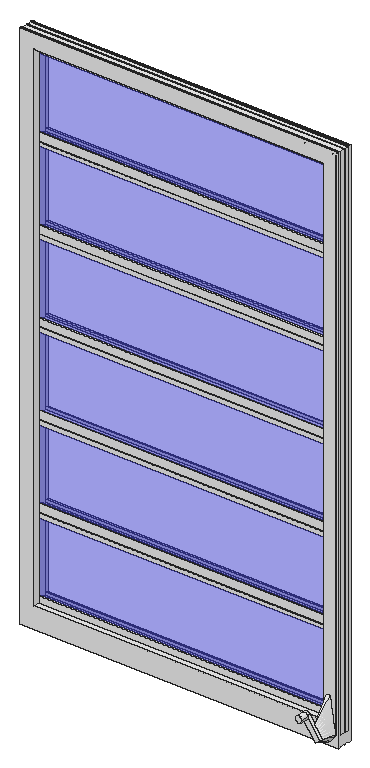
Revit family "2014-Ventana_Uni2_RT-1", category Windows, host Wall, Revit 2014
Parameters (values of type "1.200 x 2.011 mm")
  Uniclass 2.0 Descripción = "Accessible openings: Doors and hatches, French windows, sliding wall windows."  # constant formula
  Uniclass 2.0 Código = "30.00.00"  # constant formula
  UNSPC Código = "30171600"  # constant formula
  UNSPC Categoría = "Windows"  # constant formula
  Visual Light Transmittance = 0.81
  URL Producto = "http://www.uin2.com/"
  URL Garantía = ""
  URL = "http://www.uin2.com/"
  Tipo de Herrajes = ""
  Tiempo de Vida del Producto = ""
  Rotura Puente Térmico = Poliamida
  Thermal Resistance (R) = 0.3196 (m²·K)/W
  Teléfono de Contacto = "+34 938 675 758"  # constant formula
  Panel 6 = Height > 2010 mm  # yes
  Panel 5 = Height > 1691 mm  # yes
  Panel 4 = Height > 1417 mm  # yes
  Panel 3 = Height > 1151 mm  # yes
  Panel 2 = Height > 884 mm  # yes
  Panel 1 = not(Panel 2)  # no
  IFC Clasificación = "Ventana"  # constant formula
  Solar Heat Gain Coefficient = 0.76
  Estanqueidad al Agua = ""
  Composición del Acristalamiento = Vidrio, Claro Templado 4/16/4
  COBie Categoría = ""
  Rough Width = Width + 12 mm  # 1212 mm
  Rough Height = Height + 12 mm  # 2023 mm
  Resistencia al Viento = ""
  Refuerzo = Acero, Galvanizado
  Operation = "Ventana Fija"
  Model = "uin2.RT-1"  # constant formula
  Manufacturer = "uin2"  # constant formula
  Heat Transfer Coefficient (U) = 3.1292 W/(m²·K)
  Peso = 0.00 kN
  Permeabilidad al Aire = 0
  Material del Marco = Aluminio
  Instalado por = ""
  Información Técnica = "http://www.uin2.com/PDF/ficha-tecnica-uin2.RT-1.pdf"
  Height = 2011 mm
  Grosor de Vidrio = 28 mm  # constant formula
  Grosor = 58 mm  # constant formula
  Garantía = ""
  Fecha de Instalación = ""
  Fecha de Caducidad de Información = "01/01/2016"  # constant formula
  Fecha Revisión de Contenido = "16/10/2014"  # constant formula
  Fase del Producto = ""
  Email de Contacto = "ventana@uin2.com"
  Desfase Interior = 0 mm
  Desfase Exterior = 0 mm
  Description = "Ventana incorpora exclusivo sistema hermético vertical uin2, rotura de puente térmico y la posibilidad de instalar un vidrio de hasta 28 mm. Consta de un área de ventilación de hasta 81%"  # constant formula
  Wall Closure = By host
  Width = 1200 mm
  Código de Referencia = ""
  Creado por = "Bimetica Parametric Design Services S.L."  # constant formula
  Contacto de Producto = ""
  Condiciones Generales de Venta = ""
  Colección = "Línea Clima"  # constant formula
  Bimetica = "www.bimetica.es"
  Assembly Code = "B2020110"
  Apertura = (Altura de Panel - 30 mm) / 2  # 141.667 mm
  Analytic Construction = "Double glazing - domestic"
  Altura de Panel = if(Height = 619 mm, (Height - (Altura Perfil Marco + 78 mm)) / 2, if(Height = 885 mm, (Height - (Altura Perfil Marco + 78 mm)) / 2, if(Height = 1152 mm, (Height - (Altura Perfil Marco + 78 mm)) / 3, if(Height = 1418 mm, (Height - (Altura Perfil Marco + 78 mm)) / 4, if(Height = 1692 mm, (Height - (Altura Perfil Marco + 78 mm)) / 5, if(Height = 2011 mm, (Height - (Altura Perfil Marco + 78 mm)) / 6, 0 mm))))))  # 313.333 mm
  Altura de Emplazamiento [instance] = 800 mm  # constant formula
  Altura Perfil Marco = 53 mm  # constant formula
  Aislamiento Térmico (W/m2K) = 3.1  # constant formula
  Aislamiento Acústico (dBA) = 27  # constant formula
  Acabado = "Acabados en anodizado o lacado a cualquier color de la gama ral."  # constant formula
Types (6, lengths in mm): name | Panel 6 | Panel 5 | Panel 4 | Panel 3 | Panel 2 | Panel 1 | Rough Width | Rough Height | Height | Width | Apertura | Altura de Panel
  600 x 619 mm | no | no | no | no | no | yes | 612 | 631 | 619 | 600 | 107 | 244
  1.200 x 2.011 mm | yes | yes | yes | yes | yes | no | 1212 | 2023 | 2011 | 1200 | 141.667 | 313.333
  600 x 885 mm | no | no | no | no | yes | no | 612 | 897 | 885 | 600 | 173.5 | 377
  800 x 1.152 mm | no | no | no | yes | yes | no | 812 | 1164 | 1152 | 800 | 155.167 | 340.333
  800 x 1.418 mm | no | no | yes | yes | yes | no | 812 | 1430 | 1418 | 800 | 145.875 | 321.75
  1.000 x 1.692 mm | no | yes | yes | yes | yes | no | 1012 | 1704 | 1692 | 1000 | 141.1 | 312.2
Reference planes
  plane 1 "Center (Front/Back)": y = 94.021
  plane 2 "Center (Left/Right)": x = 0
  plane 3 "Left": x = -600
  plane 4 "Right": x = 600
  plane 5 "Sill": z = 800
  plane 6 "Head": z = 2811
  plane 7 "Exterior": y = 100
  plane 8 "Interior": y = 42
  plane 9 "Offset Plane": y = 100
  plane 10: x = -547
  plane 11: x = 547
  plane 12: z = 2758
  plane 13: z = 878
Forms (mm)
  Sweep 1, solid, material "Aluminio" <- "Material del Marco", detail levels medium+fine
    path origin (0, 100, 0) x (1, 0, 0) y (0, 0, 1)
      loop
        line (-547, 878) -> (547, 878) -> (547, 2758) -> (-547, 2758) -> (-547, 878)
    profile origin (-547, 100, 1818) x (-1, 0, 0) y (0, -1, 0)
      loop
        line (52.918, 0) -> (52.918, 1.395) -> (42.852, 1.395) -> (42.852, 6.179) -> (52.918, 6.179) -> (52.918, 8.172) -> (50.882, 8.172) -> (50.882, 26.11) -> (52.918, 26.11) -> (52.918, 27.505) -> (51.423, 27.505) -> (51.423, 50.426) -> (52.918, 50.426) -> (52.918, 51.821) -> (42.852, 51.821) -> (42.852, 56.605) -> (52.918, 56.605) -> (52.918, 58) -> (0, 58) -> (0, 34.082) -> (2.79, 34.082) -> (2.79, 28.601) -> (0, 28.601) -> (0, 6.976) -> (6.777, 6.976) -> (6.777, 1.495) -> (0, 1.495) -> (0, -7.275) -> (7.574, -7.275) -> (8.67, -7.574) -> (28.003, -7.574) -> (29.1, -7.275) -> (37.271, -7.275) -> (37.271, 0) -> (52.918, 0)
  Extrusion 2, solid, material "Aluminio" <- "Material del Marco", detail levels coarse
    sketch origin (0, 100, 0) x (1, 0, 0) y (0, 0, 1)
      loop
        line (600, 2811) -> (-600, 2811) -> (-600, 800) -> (600, 800) -> (600, 2811)
      loop
        line (547, 2758) -> (-547, 2758) -> (-547, 878) -> (547, 878) -> (547, 2758)
    from 0 to 58
  Extrusion 3, solid, material "Aluminio" <- "Material del Marco", detail levels medium+fine
    sketch origin (0, 0, 0) x (0, -1, 0) y (0, 0, 1)
      loop
        line (-100, 800) -> (-98.605, 800) -> (-98.605, 810.065) -> (-93.821, 810.065) -> (-93.821, 800) -> (-91.828, 800) -> (-91.828, 802.036) -> (-73.89, 802.036) -> (-73.89, 800) -> (-72.495, 800) -> (-72.495, 801.495) -> (-49.574, 801.495) -> (-49.574, 800) -> (-48.179, 800) -> (-48.179, 810.065) -> (-43.395, 810.065) -> (-43.395, 800) -> (-42, 800) -> (-42, 838.232) -> (-100, 838.232) -> (-100, 800)
    from -600 to 600
  Extrusion 4, solid, material "Aluminio" <- "Material del Marco", visible <- "Panel 2"
    sketch origin (0, -917.693, 110.148) x (0, -1, 0) y (0, 0, 1)
      loop
        line (-1017.693, 1056.77) -> (-1011.714, 1056.77) -> (-1011.714, 1066.237) -> (-987.796, 1066.237) -> (-987.796, 1056.77) -> (-981.817, 1056.77) -> (-981.817, 1073.213) -> (-983.511, 1073.213) -> (-983.511, 1075.704) -> (-981.817, 1075.704) -> (-981.817, 1105.601) -> (-987.796, 1105.601) -> (-987.796, 1096.134) -> (-1011.714, 1096.134) -> (-1011.714, 1105.601) -> (-1017.693, 1105.601) -> (-1017.693, 1089.158) -> (-1015.999, 1089.158) -> (-1015.999, 1086.667) -> (-1017.693, 1086.667) -> (-1017.693, 1056.77)
    from -547 to 547
  Extrusion 5, solid, material "Aluminio" <- "Material del Marco", visible <- "Panel 5"
    sketch origin (0, -917.693, 423.481) x (0, -1, 0) y (0, 0, 1)
      loop
        line (-1017.693, 1683.436) -> (-1011.714, 1683.436) -> (-1011.714, 1692.904) -> (-987.796, 1692.904) -> (-987.796, 1683.436) -> (-981.817, 1683.436) -> (-981.817, 1699.88) -> (-983.511, 1699.88) -> (-983.511, 1702.371) -> (-981.817, 1702.371) -> (-981.817, 1732.268) -> (-987.796, 1732.268) -> (-987.796, 1722.801) -> (-1011.714, 1722.801) -> (-1011.714, 1732.268) -> (-1017.693, 1732.268) -> (-1017.693, 1715.825) -> (-1015.999, 1715.825) -> (-1015.999, 1713.333) -> (-1017.693, 1713.333) -> (-1017.693, 1683.436)
    from -547 to 547
  Extrusion 6, solid, material "Aluminio" <- "Material del Marco", visible <- "Panel 4"
    sketch origin (0, -917.693, 736.814) x (0, -1, 0) y (0, 0, 1)
      loop
        line (-1017.693, 1056.77) -> (-1011.714, 1056.77) -> (-1011.714, 1066.237) -> (-987.796, 1066.237) -> (-987.796, 1056.77) -> (-981.817, 1056.77) -> (-981.817, 1073.213) -> (-983.511, 1073.213) -> (-983.511, 1075.704) -> (-981.817, 1075.704) -> (-981.817, 1105.601) -> (-987.796, 1105.601) -> (-987.796, 1096.134) -> (-1011.714, 1096.134) -> (-1011.714, 1105.601) -> (-1017.693, 1105.601) -> (-1017.693, 1089.158) -> (-1015.999, 1089.158) -> (-1015.999, 1086.667) -> (-1017.693, 1086.667) -> (-1017.693, 1056.77)
    from -547 to 547
  Extrusion 7, solid, material "Aluminio" <- "Material del Marco", visible <- "Panel 6"
    sketch origin (0, -917.693, 1050.148) x (0, -1, 0) y (0, 0, 1)
      loop
        line (-1017.693, 1370.103) -> (-1011.714, 1370.103) -> (-1011.714, 1379.57) -> (-987.796, 1379.57) -> (-987.796, 1370.103) -> (-981.817, 1370.103) -> (-981.817, 1386.546) -> (-983.511, 1386.546) -> (-983.511, 1389.038) -> (-981.817, 1389.038) -> (-981.817, 1418.935) -> (-987.796, 1418.935) -> (-987.796, 1409.467) -> (-1011.714, 1409.467) -> (-1011.714, 1418.935) -> (-1017.693, 1418.935) -> (-1017.693, 1402.491) -> (-1015.999, 1402.491) -> (-1015.999, 1400) -> (-1017.693, 1400) -> (-1017.693, 1370.103)
    from -547 to 547
  Extrusion 8, solid, material "Vidrio, Claro Templado 4/16/4" <- "Composición del Acristalamiento", visible <- "Panel 2"
    sketch origin (0, 0, 0) x (0, -1, 0) y (0, 0, 1)
      loop
        line (-94.021, 1176.385) -> (-94.021, 892.948) -> (-70.103, 892.948) -> (-70.103, 1176.385) -> (-94.021, 1176.385)
      loop
        line (-94.021, 1489.718) -> (-94.021, 1206.282) -> (-70.103, 1206.282) -> (-70.103, 1489.718) -> (-94.021, 1489.718)
    from -547 to 547
  Extrusion 9, solid, material "Aluminio" <- "Material del Marco", visible <- "Panel 3"
    sketch origin (0, 0, 0) x (0, -1, 0) y (0, 0, 1)
      loop
        line (-94.021, 1529.082) -> (-100, 1529.082) -> (-100, 1512.639) -> (-98.306, 1512.639) -> (-98.306, 1510.148) -> (-100, 1510.148) -> (-100, 1480.251) -> (-94.021, 1480.251) -> (-94.021, 1489.718) -> (-70.103, 1489.718) -> (-70.103, 1480.251) -> (-64.124, 1480.251) -> (-64.124, 1496.694) -> (-65.818, 1496.694) -> (-65.818, 1499.186) -> (-64.124, 1499.186) -> (-64.124, 1529.082) -> (-70.103, 1529.082) -> (-70.103, 1519.615) -> (-94.021, 1519.615) -> (-94.021, 1529.082)
    from -547 to 547
  Extrusion 10, solid, material "Vidrio, Claro Templado 4/16/4" <- "Composición del Acristalamiento", visible <- "Panel 6"
    sketch origin (0, 0, 0) x (0, -1, 0) y (0, 0, 1)
      loop
        line (-94.021, 2743.052) -> (-94.021, 2459.615) -> (-70.103, 2459.615) -> (-70.103, 2743.052) -> (-94.021, 2743.052)
    from -547 to 547
  Extrusion 11, solid, material "Vidrio, Claro Templado 4/16/4" <- "Composición del Acristalamiento", visible <- "Panel 5"
    sketch origin (0, 0, 0) x (0, -1, 0) y (0, 0, 1)
      loop
        line (-94.021, 2429.718) -> (-94.021, 2146.282) -> (-70.103, 2146.282) -> (-70.103, 2429.718) -> (-94.021, 2429.718)
    from -547 to 547
  Extrusion 12, solid, material "Vidrio, Claro Templado 4/16/4" <- "Composición del Acristalamiento", visible <- "Panel 4"
    sketch origin (0, 0, 0) x (0, -1, 0) y (0, 0, 1)
      loop
        line (-94.021, 2116.385) -> (-94.021, 1832.948) -> (-70.103, 1832.948) -> (-70.103, 2116.385) -> (-94.021, 2116.385)
    from -547 to 547
  Extrusion 13, solid, material "Vidrio, Claro Templado 4/16/4", visible <- "Panel 3"
    sketch origin (0, 0, 0) x (0, -1, 0) y (0, 0, 1)
      loop
        line (-94.021, 2743.052) -> (-94.021, 1519.615) -> (-70.103, 1519.615) -> (-70.103, 2743.052) -> (-94.021, 2743.052)
    from -547 to 547
  Extrusion 14, solid, material "Vidrio, Claro Templado 4/16/4" <- "Composición del Acristalamiento", visible <- "Panel 1"
    sketch origin (0, 0, 0) x (0, -1, 0) y (0, 0, 1)
      loop
        line (-94.021, 2743.052) -> (-94.021, 892.948) -> (-70.103, 892.948) -> (-70.103, 2743.052) -> (-94.021, 2743.052)
    from -547 to 547
  Extrusion 15, solid, material "Aluminio" <- "Material del Marco"
    sketch origin (0, 0, 0) x (0, -1, 0) y (0, 0, 1)
      loop
        line (-98.605, 871.223) -> (-93.024, 871.223) -> (-93.024, 878) -> (-71.399, 878) -> (-71.399, 875.21) -> (-65.918, 875.21) -> (-65.918, 902.416) -> (-70.103, 902.416) -> (-70.103, 892.948) -> (-94.021, 892.948) -> (-94.021, 902.416) -> (-98.605, 902.416) -> (-98.605, 871.223)
      loop
        line (-98.605, 2764.777) -> (-98.605, 2733.584) -> (-94.021, 2733.584) -> (-94.021, 2743.052) -> (-70.103, 2743.052) -> (-70.103, 2733.584) -> (-65.918, 2733.584) -> (-65.918, 2760.79) -> (-71.399, 2760.79) -> (-71.399, 2758) -> (-93.024, 2758) -> (-93.024, 2764.777) -> (-98.605, 2764.777)
    from -547 to 547
  Blend 16, solid, material "Aluminio" <- "Material del Marco", detail levels fine
    base sketch origin (243.36, 42, 765) x (1, 0, 0) y (0, 0, 1)
      loop
        arc (324.802, 199.645) -> (317.595, 205.286) -> (311.39, 198.558) r 6.75
        line (311.39, 198.558) -> (311.39, 51.558)
        arc (311.39, 51.558) -> (315.696, 45.267) -> (323.12, 47.001) r 6.75
        line (323.12, 47.001) -> (342.779, 68.482)
        arc (342.779, 68.482) -> (344.614, 71.526) -> (345.127, 75.042) r 9
        line (345.127, 75.042) -> (324.802, 199.645)
    top sketch origin (243.36, 42, 765) x (1, 0, 0) y (0, 0, 1)
      loop
        line (311.39, 88.574) -> (324.494, 71.677) -> (338.87, 81.373) -> (311.39, 122.113) -> (311.39, 88.574)
    from 0 to 54.421
  Extrusion 17, solid, material "Aluminio" <- "Material del Marco", detail levels fine
    sketch origin (243.36, -12.421, 765) x (1, 0, 0) y (0, 0, 1)
      loop
        line (272.079, 139.264) -> (324.494, 71.677) -> (338.87, 81.373) -> (290.814, 152.619)
        arc (290.814, 152.619) -> (274.757, 155.325) -> (272.079, 139.264) r 11.504
    from 0 to 10.544
  Extrusion 18, solid, material "Aluminio" <- "Material del Marco", detail levels fine
    sketch origin (243.36, -22.965, 765) x (1, 0, 0) y (0, 0, 1)
      loop
        circle (281.435, 145.958) r 11.504
    from 0 to 26.663
Cuts and joins
  joined: Sweep 1, Extrusion 3
Lines and regions (mm)
  Opening 1
    outline origin (3500, -100, 3.216) x (1, 0, 0) y (0, 0, 1)
      loop
        line (-2900, 796.784) -> (-2900, 2807.784) -> (-4100, 2807.784) -> (-4100, 796.784) -> (-2900, 796.784)
  Masking region 1
    outline origin (0, 0, 0) x (1, 0, 0) y (0, 1, 0)
      loop
        line (-526, 93.821) -> (-526, 98.505) -> (-553.777, 98.505) -> (-553.777, 89.431) -> (-547, 89.431) -> (-547, 71.399) -> (-549.79, 71.399) -> (-549.79, 65.918) -> (-526, 65.918) -> (-526, 70.103) -> (-535.5, 70.103) -> (-535.5, 93.821) -> (-526, 93.821)
      loop
        line (522.9, 93.821) -> (532.4, 93.821) -> (532.4, 71.399) -> (522.9, 71.399) -> (522.9, 65.918) -> (549.79, 65.918) -> (549.79, 71.399) -> (547, 71.399) -> (547, 89.431) -> (552.9, 89.431) -> (552.9, 98.505) -> (522.9, 98.505) -> (522.9, 93.821)
  symbolic lines, style "WindowsGlassProjection", detail levels fine
    curve 1: line (-535.5, 87.821, 0) -> (532.4, 87.821, 0)
    curve 2: line (-535.5, 76.121, 0) -> (532.4, 76.121, 0)
    curve 3: line (-600, 88.021, 1176.385) -> (-600, 88.021, 892.948)
    curve 9: line (-600, 76.021, 1176.385) -> (-600, 76.021, 892.948)
  reference lines
    curve 4: line (0, -910.085, 1191.333) -> (0, 929.915, 1191.333)
    curve 5: line (0, -910.085, 1504.667) -> (0, 929.915, 1504.667)
    curve 6: line (0, -910.085, 1818) -> (0, 929.915, 1818)
    curve 7: line (0, -910.085, 2131.333) -> (0, 929.915, 2131.333)
    curve 8: line (0, -910.085, 2444.667) -> (0, 929.915, 2444.667)
  symbolic lines, style "WindowsGlassProjection", visible <- "Panel 3", detail levels fine
    curve 10: line (-600, 88.021, 2743.052) -> (-600, 88.021, 1519.615)
    curve 11: line (-600, 76.021, 2743.052) -> (-600, 76.021, 1519.615)
  symbolic lines, style "WindowsGlassProjection", visible <- "Panel 4", detail levels fine
    curve 12: line (-600, 88.021, 2116.385) -> (-600, 88.021, 1832.948)
    curve 13: line (-600, 76.021, 2116.385) -> (-600, 76.021, 1832.948)
  symbolic lines, style "WindowsGlassProjection", visible <- "Panel 5", detail levels fine
    curve 14: line (-600, 88.021, 2429.718) -> (-600, 88.021, 2146.282)
    curve 15: line (-600, 76.021, 2429.718) -> (-600, 76.021, 2146.282)
  symbolic lines, style "WindowsGlassProjection", visible <- "Panel 6", detail levels fine
    curve 16: line (-600, 88.021, 2743.052) -> (-600, 88.021, 2459.615)
    curve 17: line (-600, 76.021, 2743.052) -> (-600, 76.021, 2459.615)
  symbolic lines, style "WindowsGlassProjection", visible <- "Panel 1", detail levels fine
    curve 18: line (-600, 88.021, 2743.052) -> (-600, 88.021, 892.948)
    curve 19: line (-600, 76.021, 2743.052) -> (-600, 76.021, 892.948)
  symbolic lines, style "WindowsGlassProjection", visible <- "Panel 2", detail levels fine
    curve 20: line (-600, 88.021, 1489.718) -> (-600, 88.021, 1206.282)
    curve 21: line (-600, 76.021, 1489.718) -> (-600, 76.021, 1206.282)
Text (mm)
  text "EXTERIOR" at (-1963.203, 1332.353, 0), in view "Ref. Level"
  text "INTERIOR" at (-1981.466, -818.386, 0), in view "Ref. Level"
  text "Exterior" at (0, 923.751, 2943.296), in view "Right"
  text "Exterior" at (0, 2235.572, 2685.409), in view "Left"
Dimensions and locks
  equal spacing: plane 3 "Left", plane 2 "Center (Left/Right)", plane 4 "Right"
  "Width": plane 3 "Left" to plane 4 "Right"
  "Height": plane 5 "Sill" to plane 6 "Head"
  "Altura de Emplazamiento": plane 5 "Sill" to level
  "Desfase Exterior": host wall to plane 9 "Offset Plane"
  "Grosor": plane 8 "Interior" to plane 7 "Exterior"
  "Desfase Interior": plane 7 "Exterior" to plane 9 "Offset Plane"
  locked: plane 1 "Center (Front/Back)" to plane 7 "Exterior" at 5.979
  "Altura Perfil Marco": plane 3 "Left" to plane 10
  "Altura Perfil Marco": plane 11 to plane 4 "Right"
  "Altura Perfil Marco": plane 12 to plane 6 "Head"
  plane 1 "Center (Front/Back)" to curve 3 = 6 mm
  curve 3 to plane 13 = 14.948 mm
  locked: plane 5 "Sill" to plane 13 at 78
  plane 5 "Sill" to Extrusion 3 sketch curve to Extrusion 3 sketch curve to Extrusion 3 sketch curve to Extrusion 3 sketch curve = 1.495 mm locked, 0.541 mm locked, 8.029 mm locked, 0 mm locked
  locked: plane 5 "Sill" to Extrusion 3 sketch curve at 38.232
  plane 7 "Exterior" to Extrusion 3 sketch curve to Extrusion 3 sketch curve to Extrusion 3 sketch curve to Extrusion 3 sketch curve to Extrusion 3 sketch curve to Extrusion 3 sketch curve to Extrusion 3 sketch curve to Extrusion 3 sketch curve = 1.395 mm locked, 4.783 mm locked, 1.993 mm locked, 17.938 mm locked, 1.395 mm locked, 22.921 mm locked, 1.395 mm locked, 4.784 mm locked
  Extrusion 4 sketch curve to Extrusion 4 sketch curve to plane 1 "Center (Front/Back)" to Extrusion 4 sketch curve to Extrusion 4 sketch curve to Extrusion 4 sketch curve = 4.285 mm locked, 0 mm locked, 23.918 mm locked, 4.285 mm locked, 1.694 mm locked
  Extrusion 4 sketch curve to Extrusion 4 sketch curve to Extrusion 4 sketch curve to Extrusion 4 sketch curve to curve 4 to Extrusion 4 sketch curve to Extrusion 4 sketch curve to Extrusion 4 sketch curve to Extrusion 4 sketch curve = 9.467 mm locked, 6.976 mm locked, 2.491 mm locked, 5.481 mm locked, 5.481 mm locked, 2.491 mm locked, 6.976 mm locked, 9.467 mm locked
  Extrusion 5 sketch curve to Extrusion 5 sketch curve to plane 1 "Center (Front/Back)" to Extrusion 5 sketch curve to Extrusion 5 sketch curve to Extrusion 5 sketch curve = 4.285 mm locked, 0 mm locked, 23.918 mm locked, 4.285 mm locked, 1.694 mm locked
  Extrusion 5 sketch curve to Extrusion 5 sketch curve to Extrusion 5 sketch curve to Extrusion 5 sketch curve to curve 7 to Extrusion 5 sketch curve to Extrusion 5 sketch curve to Extrusion 5 sketch curve to Extrusion 5 sketch curve = 9.467 mm locked, 6.976 mm locked, 2.491 mm locked, 5.481 mm locked, 5.481 mm locked, 2.491 mm locked, 6.976 mm locked, 9.467 mm locked
  Extrusion 6 sketch curve to Extrusion 6 sketch curve to plane 1 "Center (Front/Back)" to Extrusion 6 sketch curve to Extrusion 6 sketch curve to Extrusion 6 sketch curve = 4.285 mm locked, 0 mm locked, 23.918 mm locked, 4.285 mm locked, 1.694 mm locked
  Extrusion 6 sketch curve to Extrusion 6 sketch curve to Extrusion 6 sketch curve to Extrusion 6 sketch curve to curve 6 to Extrusion 6 sketch curve to Extrusion 6 sketch curve to Extrusion 6 sketch curve to Extrusion 6 sketch curve = 9.467 mm locked, 6.976 mm locked, 2.491 mm locked, 5.481 mm locked, 5.481 mm locked, 2.491 mm locked, 6.976 mm locked, 9.467 mm locked
  Extrusion 7 sketch curve to Extrusion 7 sketch curve to plane 1 "Center (Front/Back)" to Extrusion 7 sketch curve to Extrusion 7 sketch curve to Extrusion 7 sketch curve = 4.285 mm locked, 0 mm locked, 23.918 mm locked, 4.285 mm locked, 1.694 mm locked
  Extrusion 7 sketch curve to Extrusion 7 sketch curve to Extrusion 7 sketch curve to Extrusion 7 sketch curve to curve 8 to Extrusion 7 sketch curve to Extrusion 7 sketch curve to Extrusion 7 sketch curve to Extrusion 7 sketch curve = 9.467 mm locked, 6.976 mm locked, 2.491 mm locked, 5.481 mm locked, 5.481 mm locked, 2.491 mm locked, 6.976 mm locked, 9.467 mm locked
  plane 1 "Center (Front/Back)" to Extrusion 8 sketch curve = 23.918 mm
  "Altura de Panel": curve 4 to plane 13
  "Altura de Panel": curve 5 to curve 4
  "Altura de Panel": curve 6 to curve 5
  "Altura de Panel": curve 7 to curve 6
  "Altura de Panel": curve 8 to curve 7
  locked: curve 5 to Extrusion 8 sketch curve at 14.948
  Extrusion 9 sketch curve to Extrusion 9 sketch curve to Extrusion 9 sketch curve to Extrusion 9 sketch curve to curve 5 to Extrusion 9 sketch curve to Extrusion 9 sketch curve to Extrusion 9 sketch curve to Extrusion 9 sketch curve = 9.467 mm locked, 6.976 mm locked, 2.491 mm locked, 5.481 mm locked, 5.481 mm locked, 2.491 mm locked, 6.976 mm locked, 9.467 mm locked
  Extrusion 9 sketch curve to Extrusion 9 sketch curve to plane 1 "Center (Front/Back)" to Extrusion 9 sketch curve to Extrusion 9 sketch curve to Extrusion 9 sketch curve = 4.285 mm locked, 0 mm locked, 23.918 mm locked, 4.285 mm locked, 1.694 mm locked
  locked: plane 1 "Center (Front/Back)" to Extrusion 10 sketch curve at 23.918
  locked: plane 1 "Center (Front/Back)" to Extrusion 11 sketch curve at 23.918
  locked: plane 1 "Center (Front/Back)" to Extrusion 12 sketch curve at 23.918
  locked: plane 1 "Center (Front/Back)" to Extrusion 13 sketch curve at 23.918
  locked: Extrusion 14 sketch curve to plane 13 at 14.948
  locked: plane 1 "Center (Front/Back)" to Extrusion 14 sketch curve at 23.918
  locked: plane 12 to Extrusion 14 sketch curve at 14.948
  plane 1 "Center (Front/Back)" to curve 3 to curve 9 = 6 mm, 12 mm
  curve 9 to Extrusion 4 = 5.918 mm
  plane 7 "Exterior" to Extrusion 15 sketch curve to Extrusion 15 sketch curve to Extrusion 15 sketch curve to Extrusion 15 sketch curve to Extrusion 15 sketch curve = 1.395 mm locked, 4.584 mm locked, 0.997 mm locked, 21.625 mm locked, 5.481 mm locked
  Extrusion 15 sketch curve to Extrusion 15 sketch curve to plane 12 to Extrusion 15 sketch curve to Extrusion 15 sketch curve to Extrusion 15 sketch curve = 3.986 mm locked, 2.79 mm locked, 0 mm locked, 14.948 mm locked, 9.467 mm locked
  Extrusion 15 sketch curve to Extrusion 15 sketch curve to Extrusion 15 sketch curve to plane 13 to Extrusion 15 sketch curve to Extrusion 15 sketch curve = 9.467 mm locked, 14.948 mm locked, 0 mm locked, 2.79 mm locked, 3.986 mm locked
  cut or joined group of Sweep 1, Extrusion 3 to curve 1 to curve 2 = 6 mm locked, 11.7 mm locked
  locked: plane 8 "Interior" to Blend 16 at 54.421
  equal spacing: Masking region 1 sketch curve, cut or joined group of Sweep 1, Extrusion 3, cut or joined group of Sweep 1, Extrusion 3, Masking region 1 sketch curve, Masking region 1 sketch curve, Masking region 1 sketch curve, plane 9 "Offset Plane"
  Masking region 1 sketch curve to Masking region 1 sketch curve to plane 10 to Masking region 1 sketch curve to Masking region 1 sketch curve to Masking region 1 sketch curve = 3.986 mm locked, 2.79 mm locked, 0 mm locked, 11.5 mm locked, 9.5 mm locked
  Masking region 1 sketch curve to Masking region 1 sketch curve to Masking region 1 sketch curve to plane 11 to Masking region 1 sketch curve to Masking region 1 sketch curve = 9.5 mm locked, 14.6 mm locked, 0 mm locked, 2.79 mm locked, 3.11 mm locked
  Masking region 1 sketch curve to Masking region 1 sketch curve to Masking region 1 sketch curve to Masking region 1 sketch curve to plane 1 "Center (Front/Back)" to Masking region 1 sketch curve = 5.481 mm, 0 mm, 18.032 mm, 4.59 mm, 4.485 mm
  plane 5 "Sill" to Blend 16 sketch curve to Blend 16 sketch curve to Blend 16 sketch curve to Blend 16 sketch curve = 36.677 mm locked, 9.696 mm locked, 7.201 mm locked, 33.539 mm locked
  Blend 16 sketch curve to Blend 16 sketch curve to Blend 16 sketch curve to plane 4 "Right" = 13.104 mm locked, 14.375 mm locked, 17.771 mm locked
  Blend 16 sketch curve to Blend 16 sketch curve to Blend 16 sketch curve to plane 11 = 18 mm locked, 0 mm locked, 14.5 mm locked
  plane 5 "Sill" to Blend 16 sketch curve to Blend 16 sketch curve to Blend 16 sketch curve = 16.558 mm locked, 23 mm locked, 124 mm locked
  aligned and locked: plane 4 "Right" to Extrusion 2 sketch curve
  aligned and locked: Extrusion 2 sketch curve to plane 3 "Left"
  aligned and locked: plane 6 "Head" to Extrusion 2 sketch curve
  aligned and locked: Extrusion 2 sketch curve to plane 5 "Sill"
  aligned and locked: Extrusion 2 to plane 7 "Exterior"
  aligned and locked: plane 8 "Interior" to Extrusion 2
  aligned and locked: plane 3 "Left" to Extrusion 2
  aligned and locked: Extrusion 2 to plane 4 "Right"
  aligned and locked: plane 5 "Sill" to Extrusion 2
  aligned and locked: Extrusion 2 to plane 6 "Head"
  aligned and locked: plane 11 to Sweep 1 sketch curve
  aligned and locked: plane 12 to Sweep 1 sketch curve
  aligned and locked: Sweep 1 sketch curve to plane 10
  aligned and locked: Sweep 1 sketch curve to plane 13
  aligned and locked: plane 5 "Sill" to Extrusion 3 sketch curve  (x5)
  aligned and locked: Extrusion 3 sketch curve to plane 7 "Exterior"
  aligned and locked: plane 8 "Interior" to Extrusion 3 sketch curve
  aligned and locked: plane 3 "Left" to Extrusion 3
  aligned and locked: Extrusion 3 to plane 4 "Right"
  aligned and locked: Extrusion 4 sketch curve to Extrusion 4 sketch curve  (x5)
  aligned and locked: plane 11 to Extrusion 4
  aligned and locked: Extrusion 4 to plane 10
  aligned and locked: Extrusion 5 sketch curve to Extrusion 5 sketch curve  (x5)
  aligned and locked: Extrusion 6 sketch curve to Extrusion 6 sketch curve  (x5)
  aligned and locked: Extrusion 7 sketch curve to Extrusion 7 sketch curve  (x5)
  aligned and locked: Extrusion 8 sketch curve to Extrusion 8 sketch curve  (x2)
  aligned and locked: plane 1 "Center (Front/Back)" to Extrusion 8 sketch curve
  aligned and locked: Extrusion 4 to Extrusion 8 sketch curve
  aligned and locked: Extrusion 8 sketch curve to Extrusion 4
  aligned and locked: plane 11 to Extrusion 8
  aligned and locked: Extrusion 8 to plane 10
  aligned and locked: Extrusion 4 sketch curve to plane 7 "Exterior"
  aligned and locked: plane 7 "Exterior" to Extrusion 4 sketch curve
  aligned and locked: Extrusion 9 sketch curve to Extrusion 9 sketch curve  (x5)
  aligned and locked: Extrusion 9 to plane 10
  aligned and locked: plane 11 to Extrusion 9
  aligned and locked: plane 7 "Exterior" to Extrusion 9 sketch curve  (x2)
  aligned and locked: plane 11 to Extrusion 6
  aligned and locked: Extrusion 6 to plane 10
  aligned and locked: Extrusion 5 to plane 10
  aligned and locked: plane 11 to Extrusion 5
  aligned and locked: plane 11 to Extrusion 7
  aligned and locked: Extrusion 7 to plane 10
  aligned and locked: Extrusion 7 sketch curve to plane 7 "Exterior"
  aligned and locked: plane 7 "Exterior" to Extrusion 7 sketch curve
  aligned and locked: Extrusion 5 sketch curve to plane 7 "Exterior"
  aligned and locked: plane 7 "Exterior" to Extrusion 5 sketch curve
  aligned and locked: Extrusion 6 sketch curve to plane 7 "Exterior"
  aligned and locked: plane 7 "Exterior" to Extrusion 6 sketch curve
  aligned and locked: plane 1 "Center (Front/Back)" to Extrusion 10 sketch curve
  aligned and locked: Extrusion 10 sketch curve to Extrusion 7
  aligned and locked: plane 1 "Center (Front/Back)" to Extrusion 11 sketch curve
  aligned and locked: Extrusion 7 to Extrusion 11 sketch curve
  aligned and locked: Extrusion 5 to Extrusion 11 sketch curve
  aligned and locked: plane 1 "Center (Front/Back)" to Extrusion 12 sketch curve
  aligned and locked: Extrusion 6 to Extrusion 12 sketch curve
  aligned and locked: Extrusion 5 to Extrusion 12 sketch curve
  aligned and locked: plane 1 "Center (Front/Back)" to Extrusion 13 sketch curve
  aligned and locked: plane 1 "Center (Front/Back)" to Extrusion 14 sketch curve
  aligned and locked: Extrusion 14 to plane 10
  aligned and locked: plane 11 to Extrusion 14
  aligned and locked: Extrusion 13 to plane 10
  aligned and locked: plane 11 to Extrusion 13
  aligned and locked: Extrusion 12 to plane 10
  aligned and locked: plane 11 to Extrusion 12
  aligned and locked: Extrusion 11 to plane 10
  aligned and locked: plane 11 to Extrusion 11
  aligned and locked: Extrusion 10 to plane 10
  aligned and locked: plane 11 to Extrusion 10
  aligned and locked: plane 13 to Extrusion 2 sketch curve
  aligned and locked: Extrusion 2 sketch curve to Extrusion 11  (x2)
  aligned and locked: Extrusion 2 sketch curve to plane 12
  aligned and locked: curve 10 to curve 3
  aligned and locked: curve 10 to curve 12
  aligned and locked: curve 11 to curve 9
  aligned and locked: curve 14 to curve 12
  aligned and locked: curve 15 to curve 13
  aligned and locked: curve 16 to curve 14
  aligned and locked: curve 17 to curve 15
  aligned and locked: plane 6 "Head" to Opening 1 sketch curve
  aligned and locked: plane 4 "Right" to Opening 1 sketch curve
  aligned and locked: plane 3 "Left" to Opening 1 sketch curve
  aligned and locked: plane 5 "Sill" to Opening 1 sketch curve
  aligned and locked: Extrusion 14 to curve 9
  aligned and locked: Extrusion 14 to curve 16
  aligned and locked: Extrusion 10 to curve 17
  aligned and locked: Extrusion 10 to curve 16
  aligned and locked: Extrusion 11 to curve 15  (x2)
  aligned and locked: Extrusion 11 to curve 14  (x2)
  aligned and locked: Extrusion 12 to curve 13  (x2)
  aligned and locked: Extrusion 12 to curve 12  (x2)
  aligned and locked: Extrusion 15 sketch curve to Extrusion 15 sketch curve  (x8)
  aligned and locked: plane 11 to Extrusion 15
  aligned and locked: Extrusion 15 to plane 10
  aligned and locked: Extrusion 8 to curve 21  (x2)
  aligned and locked: Extrusion 8 to curve 20  (x2)
  aligned and locked: curve 11 to curve 21
  aligned and locked: curve 10 to curve 20
  aligned and locked: Extrusion 14 to curve 19  (x2)
  aligned and locked: Extrusion 14 to curve 18
  aligned and locked: Extrusion 13 sketch curve to Extrusion 9
  aligned and locked: Extrusion 13 sketch curve to curve 16
  aligned and locked: Blend 16 to plane 8 "Interior"
  aligned and locked: Masking region 1 sketch curve to Masking region 1 sketch curve
  aligned and locked: Masking region 1 sketch curve to cut or joined group of Sweep 1, Extrusion 3
  aligned and locked: cut or joined group of Sweep 1, Extrusion 3 to Masking region 1 sketch curve
  aligned and locked: Masking region 1 to cut or joined group of Sweep 1, Extrusion 3
  aligned and locked: Masking region 1 to curve 2  (x2)
  aligned and locked: Masking region 1 to curve 1  (x2)
Automatic sketch dimensions
  curve 6 to plane 9 "Offset Plane" = 829.915 mm
  curve 4 to curve 6 = 0 mm
  curve 7 to curve 6 = 0 mm
  curve 5 to curve 4 = 0 mm
  curve 8 to curve 7 = 0 mm  (x2)
  host wall to curve 7 = 810.085 mm
  curve 5 to curve 7 = 0 mm
  curve 4 to curve 5 = 0 mm
  curve 6 to curve 7 = 0 mm
  Sweep 1 sketch curve to profile plane = 0 mm  (x3)
  plane 7 "Exterior" to Sweep 1 sketch curve = 0 mm
  Sweep 1 sketch curve to Sweep 1 sketch curve = 2.79 mm
  plane 7 "Exterior" to Sweep 1 sketch curve = 1.495 mm
  Sweep 1 sketch curve to Sweep 1 sketch curve = 6.777 mm
  Sweep 1 sketch curve to Sweep 1 sketch curve = 7.574 mm
  Sweep 1 sketch curve to Sweep 1 sketch curve = 1.096 mm  (x2)
  Sweep 1 sketch curve to plane 7 "Exterior" = 7.574 mm
  Sweep 1 sketch curve to Sweep 1 sketch curve = 19.333 mm
  Sweep 1 sketch curve to plane 7 "Exterior" = 7.275 mm  (x2)
  Sweep 1 sketch curve to Sweep 1 sketch curve = 8.172 mm
  Sweep 1 sketch curve to Sweep 1 sketch curve = 5.581 mm
  Sweep 1 sketch curve to profile plane = 42.852 mm
  Sweep 1 sketch curve to Sweep 1 sketch curve = 8.029 mm
  Sweep 1 sketch curve to Sweep 1 sketch curve = 8.57 mm
  Sweep 1 sketch curve to Sweep 1 sketch curve = 1.495 mm  (x2)
  Sweep 1 sketch curve to Sweep 1 sketch curve = 0 mm  (x2)
  Sweep 1 sketch curve to Sweep 1 sketch curve = 2.036 mm
  plane 7 "Exterior" to Sweep 1 sketch curve = 1.395 mm
  Sweep 1 sketch curve to Sweep 1 sketch curve = 4.783 mm
  Sweep 1 sketch curve to Sweep 1 sketch curve = 5.481 mm  (x2)
  Sweep 1 sketch curve to Sweep 1 sketch curve = 1.993 mm
  Sweep 1 sketch curve to Sweep 1 sketch curve = 17.938 mm
  Sweep 1 sketch curve to Sweep 1 sketch curve = 1.395 mm  (x2)
  Sweep 1 sketch curve to Sweep 1 sketch curve = 21.625 mm
  Sweep 1 sketch curve to Sweep 1 sketch curve = 22.921 mm
  Sweep 1 sketch curve to Sweep 1 sketch curve = 4.784 mm
  Sweep 1 sketch curve to Sweep 1 sketch curve = 23.918 mm
  plane 13 to Extrusion 8 sketch curve = 14.948 mm
  Extrusion 10 sketch curve to plane 12 = 14.948 mm
  Extrusion 15 sketch curve to Extrusion 15 sketch curve = 4.186 mm
  curve 9 to curve 21 = 29.897 mm
  curve 3 to curve 9 = 0 mm
  curve 20 to curve 10 = 29.897 mm
  curve 10 to curve 11 = 0 mm
  Blend 16 sketch curve to Blend 16 sketch curve = 6.75 mm
  Blend 16 sketch curve to Blend 16 sketch curve = 4.979 mm
  Blend 16 sketch curve to Blend 16 sketch curve = 6.662 mm
  Blend 16 sketch curve to plane 5 "Sill" = 33.482 mm
  Blend 16 sketch curve to Blend 16 sketch curve = 6.639 mm
  Blend 16 sketch curve to Blend 16 sketch curve = 2.348 mm
  Masking region 1 sketch curve to Masking region 1 sketch curve = 9.5 mm
  Masking region 1 sketch curve to plane 8 "Interior" = 23.918 mm
  Masking region 1 sketch curve to Masking region 1 sketch curve = 4.186 mm
  Masking region 1 sketch curve to Masking region 1 sketch curve = 5.481 mm
  plane 1 "Center (Front/Back)" to Masking region 1 sketch curve = 4.59 mm
  Masking region 1 sketch curve to host wall = 1.495 mm
  Blend 16 to Extrusion 17 sketch curve = 0 mm  (x2)
  Extrusion 17 sketch curve to Blend 16 = 0 mm
  Blend 16 to Extrusion 17 sketch curve = 20.576 mm
  Extrusion 17 sketch curve to Extrusion 17 sketch curve = 9.379 mm
  Extrusion 17 sketch curve to Extrusion 17 sketch curve = 9.355 mm
  Extrusion 17 sketch curve to Extrusion 17 sketch curve = 14.375 mm
  Extrusion 17 sketch curve to Extrusion 17 sketch curve = 13.356 mm
  radius of Extrusion 18 sketch curve to Extrusion 17 = 0 mm
